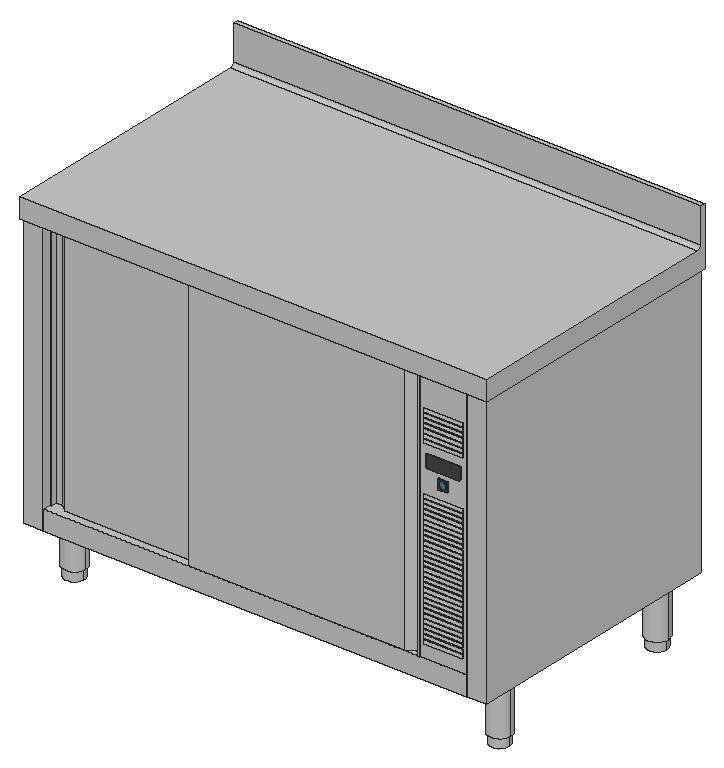
Revit family "QF_ELECTROLUXPROFESSIONAL_133093_TC1210EN", category Specialty Equipment, Revit 2021
Family settings
  Round Connector Dimension = Use Diameter
  Part Type = Normal
  Work Plane-Based = No
  Always vertical = Yes
  Cut with Voids When Loaded = No
  Shared = No
  Room Calculation Point = No
Parameters (values of type "Standard")
  Weight = 55.00 kg
  Watts = 0 W
  Volts = 220 V
  URL Manufacturer = "http://www.electroluxprofessional.com"
  URL = "http://www.electroluxprofessional.com"
  Steam Supply Size = 0 mm
  Steam Supply Minimum Pressure = 0.0 Pa
  Steam Supply Maximum Pressure = 0.0 Pa
  Steam Consumption per Hour = 0
  Refrigeration Suction Line Size = 0.0 mm
  Refrigeration Liquid Line Size = 0.0 mm
  Refrigerant Compressor Remote = yes
  Default Elevation = 0.0 mm
  Manufacturer = "Electrolux Professional"
  Phase = 1
  Model = "TC1210EN"
  Length Actual = 1200.0 mm
  Item Number = "133093"
  Hot Water Size = 0 mm
  Height Actual = 1000.0 mm
  HP = "3.2 HP"
  Gas Size = 0 mm
  Gas KW = 0
  Gas Input Pressure = 0 W
  Direct Waste Size = 0 mm
  Description = "HOT CUPBOARD WITH UPSTAND 1200 MM"
  Depth Actual = 700.0 mm
  Cycle = 50 Hz
  Condensate Return Size = 0 mm
  Compressed Air Volume = 0.0 L/s
  Compressed Air Size = 0 mm
  Compressed Air Pressure = 0.0 Pa
  Cold Water Size = 0 mm
  Accessory = no
Reference planes
  plane 1 "Center (Front/Back)": y = 0
  plane 2: z = 0
  plane 3 "Center (Left/Right)": x = -100
  plane 4 "LEFT": x = -700
  plane 5 "RIGHT": x = 500
  plane 6 "BACK": y = 350
  plane 7 "FRONT": y = -350
  plane 8 "Base": z = 850
  plane 9 "TOP": z = 900
  plane 10: x = -646.5
  plane 11: x = 446.5
  plane 12: y = 264.5
  plane 13: y = -241.5
  plane 14 "BodyLeft": x = -694.5
  plane 15 "BodyFront": y = -344.5
  plane 16 "BodyRight": x = 494.5
  plane 17 "BodyBack": y = 344.5
  plane 18 "FEET": z = 150
  plane 19: x = 324.5
  plane 20: x = -161
  plane 21: x = 444.5
  plane 22 "EIx": x = 400
  plane 23 "EIy": y = -170
Forms (mm)
  Extrusion 1, solid, material "QF_Finishes_Stainless Steel"
    sketch origin (-100, 0, 0) x (0, 1, 0) y (0, 0, 1)
      loop
        line (-350, 850) -> (350, 850) -> (350, 1000) -> (337, 1000) -> (337, 910)
        arc (337, 910) -> (334.071, 902.929) -> (327, 900) r 10
        line (327, 900) -> (-350, 900) -> (-350, 850)
    from 600 to -600
  Extrusion 2, solid, material "QF_Finishes_Stainless Steel"
    sketch origin (0, 0, 150) x (-1, 0, 0) y (0, -1, 0)
      loop
        line (694.5, -344.5) -> (694.5, 344.5) -> (644.5, 344.5) -> (644.5, -344.5) -> (694.5, -344.5)
      loop
        line (-444.5, -344.5) -> (-444.5, 344.5) -> (-494.5, 344.5) -> (-494.5, -344.5) -> (-444.5, -344.5)
    from 0 to 700
  Extrusion 3, solid, material "QF_Finishes_Stainless Steel"
    sketch origin (0, 0, 150) x (-1, 0, 0) y (0, -1, 0)
      loop
        line (644.5, -344.5) -> (644.5, 344.5) -> (-444.5, 344.5) -> (-444.5, -344.5) -> (644.5, -344.5)
    from 0 to 50
  Extrusion 4, solid, material "QF_Finishes_Stainless Steel"
    sketch origin (-1, 0, 150) x (-1, 0, 0) y (0, -1, 0)
      loop
        line (-325.5, 344.5) -> (-325.5, 324.5) -> (270.5, 324.5) -> (270.5, 344.5) -> (-285.5, 344.5) -> (-305.5, 329.5) -> (-320.5, 329.5) -> (-320.5, 344.5) -> (-325.5, 344.5)
    from 50 to 700
  Extrusion 5, solid, material "QF_Finishes_Stainless Steel"
    sketch origin (1, 20, 150) x (1, 0, 0) y (0, 1, 0)
      loop
        line (-645.5, -344.5) -> (-640.5, -344.5) -> (-640.5, -329.5) -> (-625.5, -329.5) -> (-605.5, -344.5) -> (-51.5, -344.5) -> (-51.5, -324.5) -> (-645.5, -324.5) -> (-645.5, -344.5)
    from 50 to 700
  Extrusion 6, solid, material "QF_Finishes_Stainless Steel"
    sketch origin (0, 0, 0) x (1, 0, 0) y (0, 1, 0)
      loop
        line (-644.5, -304.5) -> (324.5, -304.5) -> (324.5, 324.5) -> (-644.5, 324.5) -> (-644.5, -304.5)
    from 500 to 540
  Extrusion 7, solid, material "QF_Finishes_Stainless Steel"
    sketch origin (0, 0, 0) x (1, 0, 0) y (0, 1, 0)
      loop
        line (444.5, 344.5) -> (-644.5, 344.5) -> (-644.5, 324.5) -> (444.5, 324.5) -> (444.5, 344.5)
    from 200 to 850
  Extrusion 8, solid, material "QF_Finishes_Stainless Steel"
    sketch origin (0, 0, 150) x (-1, 0, 0) y (0, -1, 0)
      loop
        circle (-400, 170) r 10
    from 0 to -5
Cuts and joins
  joined: Extrusion 3, Extrusion 7
Lines and regions (mm)
  symbolic lines
    curve 1: line (500, 350, 900) -> (-700, 350, 900)
    curve 2: line (-700, 350, 900) -> (-700, -350, 900)
    curve 3: line (-700, -350, 900) -> (500, -350, 900)
    curve 4: line (500, -350, 900) -> (500, 350, 900)
    curve 15: line (500, 337, 900) -> (-700, 337, 900)
  symbolic lines, style "SpecialityEquipmentHiddenLines"
    curve 5: line (-694.5, 344.5, 150) -> (494.5, 344.5, 150)
    curve 6: line (-694.5, -344.5, 150) -> (-694.5, 344.5, 150)
    curve 7: line (494.5, -344.5, 150) -> (-694.5, -344.5, 150)
    curve 8: line (494.5, 344.5, 150) -> (494.5, -344.5, 150)
    curve 9: line (-645.5, -304.5, 150) -> (-49.5, -304.5, 150)
    curve 10: line (-49.5, -304.5, 150) -> (-49.5, -324.5, 150)
    curve 11: line (-645.5, -324.5, 150) -> (324.5, -324.5, 150)
    curve 12: line (324.5, -324.5, 150) -> (324.5, -344.5, 150)
    curve 13: line (-645.5, -304.5, 150) -> (-645.5, -324.5, 150)
    curve 14: line (-271.5, -344.5, 0) -> (-271.5, -324.5, 0)
Dimensions and locks
  plane 4 "LEFT" to plane 5 "RIGHT" = 1200.0 mm
  equal spacing: plane 4 "LEFT", plane 3 "Center (Left/Right)", plane 5 "RIGHT"
  locked: plane 8 "Base" to level at 850
  plane 9 "TOP" to level = 900.0 mm
  plane 6 "BACK" to plane 7 "FRONT" = 700.0 mm
  equal spacing: plane 6 "BACK", plane 1 "Center (Front/Back)", plane 7 "FRONT"
  locked: plane 4 "LEFT" to plane 14 "BodyLeft" at 5.5
  locked: plane 16 "BodyRight" to plane 5 "RIGHT" at 5.5
  locked: plane 15 "BodyFront" to plane 7 "FRONT" at 5.5
  locked: plane 6 "BACK" to plane 17 "BodyBack" at 5.5
  locked: plane 14 "BodyLeft" to plane 10 at 48
  locked: plane 11 to plane 16 "BodyRight" at 48
  locked: plane 13 to plane 15 "BodyFront" at 103
  locked: plane 17 "BodyBack" to plane 12 at 80
  plane 10 to plane 11 = 1093.0 mm
  plane 12 to plane 13 = 506.0 mm
  locked: plane 14 "BodyLeft" to Extrusion 2 sketch curve at 50
  locked: Extrusion 2 sketch curve to Extrusion 2 sketch curve at 50
  equal spacing: plane 10, plane 20, plane 19
  locked: plane 21 to plane 16 "BodyRight" at 50
  locked: plane 19 to plane 21 at 120
  locked: Extrusion 4 sketch curve to plane 20 at 110.5
  locked: plane 20 to Extrusion 5 sketch curve at 110.5
  locked: plane 18 "FEET" to level at 150
  locked: plane 22 "EIx" to plane 5 "RIGHT" at 100
  plane 23 "EIy" to plane 7 "FRONT" = 180.0 mm
  locked: Extrusion 1 to level at 1000
  aligned and locked: level to plane 2
  aligned and locked: plane 10 to nested 1
  aligned and locked: nested 1 to plane 13
  aligned and locked: plane 11 to nested 2
  aligned and locked: nested 2 to plane 13
  aligned and locked: plane 11 to nested 4
  aligned and locked: nested 4 to plane 12
  aligned and locked: plane 10 to nested 3
  aligned and locked: nested 3 to plane 12
  aligned and locked: Extrusion 1 to plane 4 "LEFT"
  aligned and locked: plane 5 "RIGHT" to Extrusion 1
  aligned and locked: curve 2 to plane 4 "LEFT"
  aligned and locked: plane 17 "BodyBack" to Extrusion 2 sketch curve
  aligned and locked: Extrusion 2 sketch curve to plane 15 "BodyFront"
  aligned and locked: Extrusion 2 sketch curve to plane 14 "BodyLeft"
  aligned and locked: plane 16 "BodyRight" to Extrusion 2 sketch curve
  aligned and locked: Extrusion 2 sketch curve to plane 17 "BodyBack"
  aligned and locked: plane 15 "BodyFront" to Extrusion 2 sketch curve
  aligned and locked: Extrusion 3 sketch curve to plane 17 "BodyBack"
  aligned and locked: plane 15 "BodyFront" to Extrusion 3 sketch curve
  aligned and locked: plane 8 "Base" to Extrusion 2
  aligned and locked: plane 8 "Base" to Extrusion 4
  aligned and locked: Extrusion 4 to Extrusion 3
  aligned and locked: Extrusion 1 to plane 8 "Base"
  aligned and locked: plane 9 "TOP" to Extrusion 1
  aligned and locked: curve 5 to plane 17 "BodyBack"
  aligned and locked: plane 14 "BodyLeft" to curve 6
  aligned and locked: plane 15 "BodyFront" to curve 7
  aligned and locked: plane 16 "BodyRight" to curve 8
  aligned and locked: Extrusion 3 to Extrusion 2  (x2)
  aligned and locked: Extrusion 6 sketch curve to Extrusion 2
  aligned and locked: Extrusion 6 sketch curve to Extrusion 5
  aligned and locked: nested 5 to plane 21
  aligned and locked: Extrusion 7 sketch curve to Extrusion 2
  aligned and locked: Extrusion 6 sketch curve to plane 19
Automatic sketch dimensions
  Extrusion 8 sketch curve to plane 22 "EIx" = 0.0 mm
  Extrusion 8 sketch curve to plane 23 "EIy" = 0.0 mm
  curve 14 to plane 15 "BodyFront" = 0.0 mm
  plane 15 "BodyFront" to curve 14 = 20.0 mm
  curve 14 to plane 20 = 110.5 mm
  curve 3 to plane 7 "FRONT" = 0.0 mm
  curve 15 to plane 5 "RIGHT" = 0.0 mm
  curve 4 to plane 6 "BACK" = 0.0 mm
  curve 15 to plane 17 "BodyBack" = 7.5 mm
  Extrusion 1 sketch curve to plane 7 "FRONT" = 0.0 mm
  Extrusion 1 sketch curve to plane 9 "TOP" = 0.0 mm
  Extrusion 1 sketch curve to plane 6 "BACK" = 0.0 mm
  Extrusion 1 sketch curve to plane 8 "Base" = 0.0 mm
  Extrusion 1 sketch curve to plane 17 "BodyBack" = 17.5 mm
  Extrusion 1 sketch curve to plane 17 "BodyBack" = 7.5 mm
  Extrusion 1 sketch curve to Extrusion 1 sketch curve = 90.0 mm
  Extrusion 3 sketch curve to plane 21 = 0.0 mm
  plane 10 to Extrusion 3 sketch curve = 2.0 mm
  Extrusion 4 sketch curve to plane 19 = 0.0 mm
  Extrusion 4 sketch curve to plane 15 "BodyFront" = 0.0 mm  (x2)
  Extrusion 4 sketch curve to Extrusion 4 sketch curve = 5.0 mm
  Extrusion 4 sketch curve to Extrusion 4 sketch curve = 15.0 mm  (x2)
  Extrusion 4 sketch curve to Extrusion 4 sketch curve = 20.0 mm  (x2)
  Extrusion 5 sketch curve to plane 15 "BodyFront" = 20.0 mm  (x2)
  Extrusion 5 sketch curve to plane 10 = 42.0 mm
  Extrusion 5 sketch curve to plane 10 = 22.0 mm
  Extrusion 5 sketch curve to plane 10 = 7.0 mm
  Extrusion 5 sketch curve to plane 10 = 2.0 mm
  Extrusion 5 sketch curve to Extrusion 5 sketch curve = 15.0 mm
  Extrusion 5 sketch curve to Extrusion 5 sketch curve = 20.0 mm
  curve 12 to plane 19 = 0.0 mm
  curve 7 to plane 15 "BodyFront" = 0.0 mm
  plane 3 "Center (Left/Right)" to curve 10 = 50.5 mm
  plane 10 to curve 13 = 1.0 mm
  plane 15 "BodyFront" to curve 9 = 40.0 mm
  plane 15 "BodyFront" to curve 11 = 20.0 mm
  Extrusion 6 sketch curve to plane 17 "BodyBack" = 20.0 mm
  Extrusion 7 sketch curve to plane 21 = 0.0 mm
  Extrusion 7 sketch curve to plane 17 "BodyBack" = 0.0 mm
  Extrusion 7 sketch curve to Extrusion 7 sketch curve = 20.0 mm
  radius of Extrusion 8 sketch curve = 10.0 mm
Nested families
  nested 1: "FEET_D58-150" at (-646.5, -241.5, 0), type "FEET_D58-150"
  nested 2: "FEET_D58-150" at (446.5, -241.5, 0), type "FEET_D58-150"
  nested 3: "FEET_D58-150" at (-646.5, 264.5, 0), type "FEET_D58-150"
  nested 4: "FEET_D58-150" at (446.5, 264.5, 0), type "FEET_D58-150"
  nested 5: "WT_PNL120x650" at (531.42, -304.5, 600) x (1, 0, 0) z (0, -1, 0), type "WT_PNL120x650"
    with Show Logo yes
Connectors
  electrical at (400, -170, 145)
    settings: on Extrusion 8, index 1, voltage 0 V, apparent load 0 VA, apparent load phase1 0 VA, apparent load phase2 0 VA, apparent load phase3 0 VA, power factor 1, load classification "Other", number of poles 1, system type 30, power factor state 1, is connector primary yes, connector utility no, sub classification motor no, connector description "Electrical connection"
Definition of nested family "FEET_D58-150"
  Parameters
    Default Elevation = 0.0 mm
    FEET = 150.0 mm
  Reference planes
    plane 1 "Center (Front/Back)": y = 0
    plane 2: z = 0
    plane 3 "Center (Left/Right)": x = 0
    plane 4: z = 150
  Forms (mm)
    Extrusion 1, solid
      sketch origin (0, 0, 0) x (1, 0, 0) y (0, 1, 0)
        loop
          circle (0, 0) r 25
      from 0 to 25
    Extrusion 2, solid
      sketch origin (0, 0, 0) x (1, 0, 0) y (0, 1, 0)
        loop
          circle (0.061, 0) r 29
      from 25 to 150 <- "FEET"
  Lines and regions (mm)
    symbolic lines
      curve 1: line (0, -1.503, 0) -> (0, 1.508, 0)
      curve 2: line (1.561, 0, 0) -> (-1.439, 0, 0)
  Dimensions and locks
    "FEET": plane 4 to plane 2
    aligned and locked: level to plane 2
  Automatic sketch dimensions
    plane 1 "Center (Front/Back)" to Extrusion 1 sketch curve = 0.0 mm
    Extrusion 1 sketch curve to plane 3 "Center (Left/Right)" = 0.0 mm
    plane 1 "Center (Front/Back)" to curve 2 = 0.0 mm
    curve 1 to plane 3 "Center (Left/Right)" = 0.0 mm
    curve 2 to plane 3 "Center (Left/Right)" = 1.439 mm
    plane 3 "Center (Left/Right)" to curve 2 = 1.561 mm
    plane 1 "Center (Front/Back)" to curve 1 = 1.503 mm
    curve 1 to plane 1 "Center (Front/Back)" = 1.508 mm
    plane 1 "Center (Front/Back)" to Extrusion 2 sketch curve = 0.0 mm
    plane 3 "Center (Left/Right)" to Extrusion 2 sketch curve = 0.061 mm
    radius of Extrusion 1 sketch curve = 25.0 mm
    radius of Extrusion 2 sketch curve = 29.0 mm
Definition of nested family "WT_PNL120x650"
  Parameters
    Show Logo [instance] = yes
    Default Elevation = 1219.2 mm
  Reference planes
    plane 1 "Center (Front/Back)": y = -75
    plane 2: z = 0
    plane 3 "Center (Left/Right)": x = -146.92
    plane 4: x = -206.92
    plane 5: x = -86.92
    plane 6: y = 250
    plane 7: y = -400
    plane 8 "TOP": z = 40
  Forms (mm)
    Extrusion 1, solid
      sketch origin (0, 0, 0) x (1, 0, 0) y (0, 1, 0)
        loop
          line (-1219.2, 1219.2) -> (-1219.2, -1219.2) -> (1219.2, -1219.2) -> (1219.2, 1219.2) -> (-1219.2, 1219.2)
      from 0 to -304.8
    Extrusion 2, solid
      sketch origin (0, 0, 0) x (1, 0, 0) y (0, 1, 0)
        loop
          line (-206.92, 250) -> (-206.92, -400) -> (-86.92, -400) -> (-86.92, 250) -> (-206.92, 250)
      from 0 to 40
    Extrusion 3, void
      sketch origin (0, 0, 40) x (-1, 0, 0) y (0, -1, 0)
        loop
          arc (101.92, -68.899) -> (103.795, -73.256) -> (108.247, -74.89) r 6
          line (108.247, -74.89) -> (185.92, -74.89)
          arc (185.92, -74.89) -> (190.163, -73.133) -> (191.92, -68.89) r 6
          line (191.92, -68.89) -> (191.92, -45.89)
          arc (191.92, -45.89) -> (190.163, -41.648) -> (185.92, -39.89) r 6
          line (185.92, -39.89) -> (107.92, -39.89)
          arc (107.92, -39.89) -> (103.677, -41.648) -> (101.92, -45.89) r 6
          line (101.92, -45.89) -> (101.92, -68.899)
        loop
          line (158.92, -27.89) -> (158.92, -2.89) -> (134.92, -2.89) -> (134.92, -27.89) -> (158.92, -27.89)
      from -2 to 0
    Extrusion 4, solid
      sketch origin (0, 0, 40) x (-1, 0, 0) y (0, -1, 0)
        loop
          line (185.92, -39.89) -> (107.92, -39.89)
          arc (107.92, -39.89) -> (103.677, -41.648) -> (101.92, -45.89) r 6
          line (101.92, -45.89) -> (101.92, -68.899)
          arc (101.92, -68.899) -> (103.795, -73.256) -> (108.247, -74.89) r 6
          line (108.247, -74.89) -> (185.92, -74.89)
          arc (185.92, -74.89) -> (190.163, -73.133) -> (191.92, -68.89) r 6
          line (191.92, -68.89) -> (191.92, -45.89)
          arc (191.92, -45.89) -> (190.163, -41.648) -> (185.92, -39.89) r 6
      from -2 to 1
    Extrusion 5, solid
      sketch origin (-146.92, 0, 0) x (0, 1, 0) y (0, 0, 1)
        loop
          line (95.896, 40) -> (104.899, 40) -> (95.896, 41.206) -> (95.896, 40)
        loop
          line (107.896, 40) -> (116.899, 40) -> (107.896, 41.206) -> (107.896, 40)
        loop
          line (119.896, 40) -> (128.899, 40) -> (119.896, 41.206) -> (119.896, 40)
        loop
          line (131.896, 40) -> (140.899, 40) -> (131.896, 41.206) -> (131.896, 40)
        loop
          line (143.896, 40) -> (152.899, 40) -> (143.896, 41.206) -> (143.896, 40)
        loop
          line (155.896, 40) -> (164.899, 40) -> (155.896, 41.206) -> (155.896, 40)
        loop
          line (167.896, 40) -> (176.899, 40) -> (167.896, 41.206) -> (167.896, 40)
        loop
          line (-102.104, 40) -> (-93.101, 40) -> (-102.104, 41.206) -> (-102.104, 40)
        loop
          line (-90.104, 40) -> (-81.101, 40) -> (-90.104, 41.206) -> (-90.104, 40)
        loop
          line (-78.104, 40) -> (-69.101, 40) -> (-78.104, 41.206) -> (-78.104, 40)
        loop
          line (-66.104, 40) -> (-57.101, 40) -> (-66.104, 41.206) -> (-66.104, 40)
        loop
          line (-54.104, 40) -> (-45.101, 40) -> (-54.104, 41.206) -> (-54.104, 40)
        loop
          line (-42.104, 40) -> (-33.101, 40) -> (-42.104, 41.206) -> (-42.104, 40)
        loop
          line (-30.104, 40) -> (-21.101, 40) -> (-30.104, 41.206) -> (-30.104, 40)
        loop
          line (-174.104, 40) -> (-165.101, 40) -> (-174.104, 41.206) -> (-174.104, 40)
        loop
          line (-162.104, 40) -> (-153.101, 40) -> (-162.104, 41.206) -> (-162.104, 40)
        loop
          line (-150.104, 40) -> (-141.101, 40) -> (-150.104, 41.206) -> (-150.104, 40)
        loop
          line (-138.104, 40) -> (-129.101, 40) -> (-138.104, 41.206) -> (-138.104, 40)
        loop
          line (-126.104, 40) -> (-117.101, 40) -> (-126.104, 41.206) -> (-126.104, 40)
        loop
          line (-114.104, 40) -> (-105.101, 40) -> (-114.104, 41.206) -> (-114.104, 40)
        loop
          line (-246.104, 40) -> (-237.101, 40) -> (-246.104, 41.206) -> (-246.104, 40)
        loop
          line (-234.104, 40) -> (-225.101, 40) -> (-234.104, 41.206) -> (-234.104, 40)
        loop
          line (-222.104, 40) -> (-213.101, 40) -> (-222.104, 41.206) -> (-222.104, 40)
        loop
          line (-210.104, 40) -> (-201.101, 40) -> (-210.104, 41.206) -> (-210.104, 40)
        loop
          line (-198.104, 40) -> (-189.101, 40) -> (-198.104, 41.206) -> (-198.104, 40)
        loop
          line (-186.104, 40) -> (-177.101, 40) -> (-186.104, 41.206) -> (-186.104, 40)
        loop
          line (-318.104, 40) -> (-309.101, 40) -> (-318.104, 41.206) -> (-318.104, 40)
        loop
          line (-306.104, 40) -> (-297.101, 40) -> (-306.104, 41.206) -> (-306.104, 40)
        loop
          line (-294.104, 40) -> (-285.101, 40) -> (-294.104, 41.206) -> (-294.104, 40)
        loop
          line (-282.104, 40) -> (-273.101, 40) -> (-282.104, 41.206) -> (-282.104, 40)
        loop
          line (-270.104, 40) -> (-261.101, 40) -> (-270.104, 41.206) -> (-270.104, 40)
        loop
          line (-258.104, 40) -> (-249.101, 40) -> (-258.104, 41.206) -> (-258.104, 40)
        loop
          line (-366.104, 40) -> (-357.101, 40) -> (-366.104, 41.206) -> (-366.104, 40)
        loop
          line (-354.104, 40) -> (-345.101, 40) -> (-354.104, 41.206) -> (-354.104, 40)
        loop
          line (-342.104, 40) -> (-333.101, 40) -> (-342.104, 41.206) -> (-342.104, 40)
        loop
          line (-330.104, 40) -> (-321.101, 40) -> (-330.104, 41.206) -> (-330.104, 40)
      from -50 to 50
    Extrusion 6, solid
      sketch origin (0, 0, 40) x (-1, 0, 0) y (0, -1, 0)
        loop
          line (134.92, -27.89) -> (158.92, -27.89) -> (158.92, -2.89) -> (134.92, -2.89) -> (134.92, -27.89)
        loop
          circle (146.92, -15.39) r 9
      from -2 to 3
    Extrusion 7, solid
      sketch origin (0, 0, 40) x (-1, 0, 0) y (0, -1, 0)
        loop
          circle (146.92, -15.39) r 9
      from 0 to 3
  Cuts and joins
    Extrusion 3 cuts Extrusion 2
  Dimensions and locks
    equal spacing: plane 6, plane 1 "Center (Front/Back)", plane 7
    equal spacing: plane 4, plane 3 "Center (Left/Right)", plane 5
    plane 8 "TOP" to level = 40.0 mm
    aligned and locked: plane 2 to Extrusion 1
    aligned and locked: level to Extrusion 1
  Automatic sketch dimensions
    Extrusion 1 sketch curve to Extrusion 1 sketch curve = 2438.4 mm  (x2)
    Extrusion 2 sketch curve to plane 4 = 0.0 mm
    Extrusion 2 sketch curve to plane 5 = 0.0 mm
    Extrusion 2 sketch curve to plane 7 = 0.0 mm
    Extrusion 2 sketch curve to plane 6 = 0.0 mm
    Extrusion 5 sketch curve to plane 8 "TOP" = 0.0 mm  (x36)
    Extrusion 5 sketch curve to Extrusion 5 sketch curve = 9.003 mm  (x35)
    plane 8 "TOP" to Extrusion 5 sketch curve = 1.206 mm  (x22)
    Extrusion 5 sketch curve to Extrusion 5 sketch curve = 2.997 mm  (x33)
    plane 1 "Center (Front/Back)" to Extrusion 5 sketch curve = 6.101 mm
    plane 1 "Center (Front/Back)" to Extrusion 5 sketch curve = 3.104 mm
    Extrusion 5 sketch curve to plane 1 "Center (Front/Back)" = 5.899 mm
    Extrusion 5 sketch curve to Extrusion 5 sketch curve = 116.997 mm
    Extrusion 5 sketch curve to Extrusion 5 sketch curve = 1.206 mm  (x14)
    Extrusion 4 sketch curve to plane 5 = 15.0 mm
    Extrusion 4 sketch curve to Extrusion 4 sketch curve = 6.0 mm  (x3)
    Extrusion 4 sketch curve to Extrusion 4 sketch curve = 0.327 mm
    plane 4 to Extrusion 4 sketch curve = 21.0 mm  (x2)
    Extrusion 4 sketch curve to plane 1 "Center (Front/Back)" = 149.89 mm
    Extrusion 4 sketch curve to Extrusion 4 sketch curve = 23.009 mm
    Extrusion 3 sketch curve to plane 5 = 15.0 mm
    Extrusion 3 sketch curve to Extrusion 3 sketch curve = 6.0 mm  (x3)
    Extrusion 3 sketch curve to Extrusion 3 sketch curve = 0.327 mm
    plane 3 "Center (Left/Right)" to Extrusion 3 sketch curve = 12.0 mm
    Extrusion 3 sketch curve to plane 3 "Center (Left/Right)" = 12.0 mm
    plane 4 to Extrusion 3 sketch curve = 21.0 mm  (x2)
    Extrusion 3 sketch curve to plane 1 "Center (Front/Back)" = 149.89 mm
    Extrusion 3 sketch curve to Extrusion 3 sketch curve = 23.0 mm
    Extrusion 3 sketch curve to Extrusion 3 sketch curve = 12.0 mm
    Extrusion 3 sketch curve to Extrusion 3 sketch curve = 25.0 mm
    Extrusion 6 sketch curve to plane 3 "Center (Left/Right)" = 0.0 mm
    plane 3 "Center (Left/Right)" to Extrusion 6 sketch curve = 12.0 mm
    Extrusion 6 sketch curve to plane 3 "Center (Left/Right)" = 12.0 mm
    Extrusion 6 sketch curve to plane 1 "Center (Front/Back)" = 102.89 mm
    Extrusion 6 sketch curve to Extrusion 6 sketch curve = 12.5 mm  (x2)
    Extrusion 7 sketch curve to plane 3 "Center (Left/Right)" = 0.0 mm
    Extrusion 7 sketch curve to plane 1 "Center (Front/Back)" = 90.39 mm
    radius of Extrusion 6 sketch curve = 9.0 mm
    radius of Extrusion 7 sketch curve = 9.0 mm
